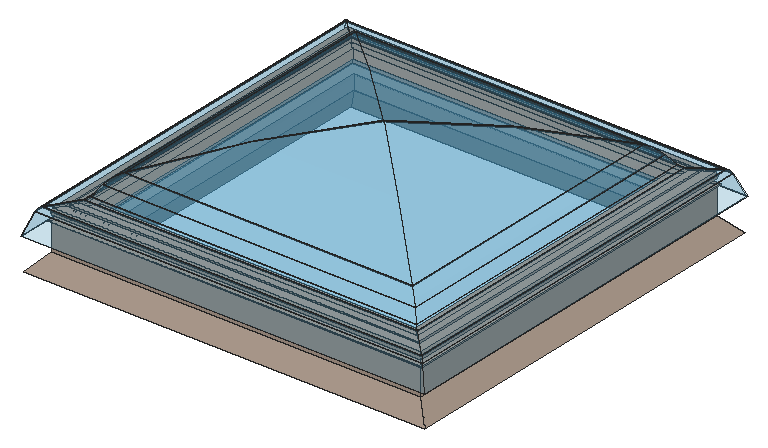
Revit family "CVP_v_1.01", category Окна, Revit 2017
Family settings
  Основа = Крыша
  Всегда вертикально = Нет
  При загрузке вырезать с полостями = Нет
  Общий = Нет
  Точка расчета площади = Нет
Parameters (values of type "Default")
  g-value = "0.53"
  ZCE Visible = no
  ZCE Height = if(ZCE Visible, 160.000 mm, 0.000 mm)  # 0.000 mm
  Youtube clip = ""
  Window Opening Angle = atan((Chain Length - 8.000 mm) / Height)  # -0.294902°
  Window Area = "3.92"
  Width Dome = Ширина - 180.000 mm  # 1180.000 mm
  Ширина = 1360.000 mm
  Weight Net (kg) = ""
  Warranty Years = "10"
  Warranty = ""
  Uniclass 2.0 Description = "Roof Window Units"
  Uniclass 2.0 Code = "PR-59-72"
  Uniclass 1.4 Description = "Rooflights/Roof windows"
  Uniclass 1.4 Code = "JL11"
  URL = "http://file-system.ru/catalog/zdaniya_i_sooruzheniya/eksterer/okna/cvp_integra_zenitnyy_fonar_na_distantsionnom_upravlenii/#close_popup_window"
  UNSPC code = 301516
  UNSPC Category = "Roofing accessories"
  ThermalTransmittance - Glazing = "0.9"
  ThermalTransmittance = "0.75"
  Thermal transmittance (frame) = ""
  Thermal bridge(glazing) = "0.05"
  Thermal bridge = ""
  Technical description = ""
  Stock Product = ""
  Sound Insulation db = "31"
  Single = ""
  Product identifier = ""
  Product group = "CVP 1.01"
  Product family = "Flat roof window"
  Product data url = "http://www.velux.dk/private/produkter/ny-generation"
  Product certification = ""
  Product SKU = "cvp101"
  Placement Height = 0.000 mm
  Perimeter Window = 6
  Perimeter Glazing = 0
  Operation Mode = "Electrical"
  Open Window = no
  Name of the object = "Flat roof window-CVP"
  NBS Reference Description = "Roofing Window Units"
  NBS Reference = "59-72"
  Группа модели = "Flat roof window - CVP"
  Material secondary = Glass 73Q + ISD 0000
  Material main = Wood
  Manufacturer country = "Denmark"
  Manufacturer URL = "www.velux.com"
  Изготовитель = "VELUX A/S"  # constant formula
  Light transmittance = "0.72"
  Installation instructions = ""
  IFC Classification = "Window"
  Height Dome = Height - 180.000 mm  # 1180.000 mm
  Height = 1360.000 mm
  GlazingAreaFraction = "2.41"
  Function = "Ventilation flat roof window"
  Frame  Area = ""
  Emergency Exit = 1 > 2  # no
  Edition number = "1"
  EAN code = ""
  Design country = "Denmark"
  Delivery Time = ""
  Date of publishing = "6/27/2013"
  Copyright = "VELUX A/S"  # constant formula
  Chain Length = if(Open Window, 218.000 mm, 1.000 mm)  # 1.000 mm
  COBIe Type Category = ""
  Код по классификатору = "B3020110"
  Angle = if(Open Window, Window Opening Angle, 0.00000°)  # 0.00000°
  Allowed Roof Slope = "0°-15°"
  AcousticRating = ""
Reference planes
  plane 1 "Center (Front/Back)": y = 0
  plane 2 "Roof": z = 4000
  plane 3 "Center (Left/Right)": x = 0
  plane 4: x = -590
  plane 5: y = 590
  plane 6: x = 590
  plane 7: y = -590
  plane 8 "Roof Top": z = 4150
  plane 9: z = 4150
  plane 10: x = -553
  plane 11 "Placement Height": z = 4150
  plane 12: x = -680
  plane 13: x = 680
  plane 14: y = 680
  plane 15: y = -680
Forms (mm)
  Sweep 1, solid, material "Wood" <- "Material main"
    path origin (-862.686, -4572, 4150) x (-1, 0, 0) y (0, -1, 0)
      loop
        line (-1452.686, -3982) -> (-1452.686, -5162) -> (-272.686, -5162) -> (-272.686, -3982) -> (-1452.686, -3982)
    profile origin (590, 0, 4150) x (-1, 0, 0) y (0, 0, 1)
      loop
        line (29.543, 0) -> (69.194, 82.99) -> (4.499, 82.99) -> (4.499, 157.08)
        arc (4.499, 157.08) -> (3.427, 159.378) -> (0.978, 160.035) r 3
        line (0.978, 160.035) -> (-44.675, 151.985) -> (-44.501, 150) -> (-36.501, 150) -> (-36.501, 54.661) -> (-90, 0) -> (29.543, 0)
  Sweep 2, solid
    path origin (2.429, -2.424, 4547.978) x (0, 1, 0) y (0, 0, -1)
      loop
        line (4.849, 0) -> (0, 0)
    profile origin (2.429, 0, 4547.978) x (0, 0, 1) y (-1, 0, 0)
      loop
        line (0, 4.828) -> (-3.011, 4.828) -> (-3.011, 0) -> (0, 0) -> (0, 4.828)
  Sweep 3, solid, material "Wood" <- "Material main", visible <- "ZCE Visible"
    path origin (-1732.686, -4572, 4150) x (-1, 0, 0) y (0, -1, 0)
      loop
        line (-1142.686, -3982) -> (-2322.686, -3982) -> (-2322.686, -5162) -> (-1142.686, -5162) -> (-1142.686, -3982)
    profile origin (-590, 0, 4150) x (-1, 0, 0) y (0, 0, 1)
      loop
        line (211, 0) -> (211, 3) -> (91, 10) -> (91, 160) -> (6, 160) -> (6, 0) -> (211, 0)
  Sweep 4, solid, material "Wood" <- "Material main"
    path origin (0, 0, 0) x (1, 0, 0) y (0, 0, 1)
      loop
        line (-553, 4232.99) -> (-552.948, 4233.989)
    profile origin (-552.974, 0, 4233.49) x (-0.99863, 0, 0.052336) y (0, -1, 0)
      loop
        circle (0, 0) r 5
Lines and regions (mm)
  Opening 1
    outline origin (0, 0, 4150) x (0, 1, 0) y (-1, 0, 0)
      loop
        line (590, 590) -> (-590, 590) -> (-590, -590) -> (590, -590) -> (590, 590)
  reference lines
    curve 1: line (647.314, 0, 4149.375) -> (-590, 0, 4149.375)
    curve 2: line (627.314, 0, 4149.375) -> (627.314, 0, 4339.375)
    curve 3: line (627.314, 0, 4000) -> (627.314, 590, 4000)
    curve 4: line (647.314, 0, 4149.375) -> (-147.38, 0, 4149.375)
    curve 7: line (-553, 0, 4232.99) -> (-541.586, 0, 4450.787)
  symbolic lines
    curve 5: line (-590, 590, 4000) -> (590, 0, 4000)
    curve 6: line (590, 0, 4000) -> (-590, -590, 4000)
Dimensions and locks
  equal spacing: host sketch curve, plane 3 "Center (Left/Right)", host sketch curve
  equal spacing: host sketch curve, plane 1 "Center (Front/Back)", host sketch curve
  equal spacing: plane 4, plane 3 "Center (Left/Right)", plane 6
  "Height": plane 12 to plane 13
  equal spacing: plane 5, plane 1 "Center (Front/Back)", plane 7
  "Ширина": plane 14 to plane 15
  locked: plane 6 to curve 3 at 37.314
  locked: curve 2 to plane 6 at 37.314
  locked: host roof to plane 8 "Roof Top"
  locked: nested 1 to plane 9 at 159.375
  locked: plane 4 to plane 10 at 37
  "Chain Length": Sweep 4 sketch curve to Sweep 4 sketch curve
  "ZCE Height": plane 9 to plane 11 "Placement Height"
  "Placement Height": plane 11 "Placement Height" to plane 8 "Roof Top"
  locked: plane 12 to plane 4 at 90
  locked: plane 6 to plane 13 at 90
  locked: plane 14 to plane 5 at 90
  locked: plane 15 to plane 7 at 90
  "Angle": angle curve 4 to curve 1
  locked: curve 7 to plane 10 (angle 3.00000°)
  aligned and locked: level to plane 2 "Roof"
  aligned and locked: Opening 1 sketch curve to plane 5
  aligned and locked: Opening 1 sketch curve to plane 4
  aligned and locked: Opening 1 sketch curve to plane 7
  aligned and locked: Opening 1 sketch curve to plane 6
  aligned and locked: plane 6 to Sweep 1 sketch curve
  aligned and locked: Sweep 1 sketch curve to plane 5
  aligned and locked: Sweep 1 sketch curve to plane 4
  aligned and locked: plane 7 to Sweep 1 sketch curve
  aligned and locked: profile plane to Sweep 1 sketch curve
  aligned and locked: Sweep 2 sketch curve to nested 1  (x6)
  aligned and locked: nested 1 to Sweep 2 sketch curve
  aligned and locked: Sweep 3 sketch curve to host roof  (x4)
  aligned and locked: Sweep 4 sketch curve to curve 7
  aligned and locked: Sweep 1 to Sweep 4 sketch curve
  aligned and locked: plane 11 "Placement Height" to Sweep 3 sketch curve
Automatic sketch dimensions
  curve 3 to plane 5 = 0.000 mm
  plane 1 "Center (Front/Back)" to curve 3 = 0.000 mm
  curve 6 to plane 4 = 0.000 mm
  curve 5 to plane 4 = 0.000 mm
  plane 1 "Center (Front/Back)" to curve 5 = 0.000 mm
  curve 5 to plane 6 = 0.000 mm
  plane 7 to curve 6 = 0.000 mm
  curve 5 to plane 5 = 0.000 mm
  profile plane to Sweep 1 sketch curve = 44.675 mm
  Sweep 1 sketch curve to Sweep 1 sketch curve = 0.174 mm
  Sweep 1 sketch curve to Sweep 1 sketch curve = 8.000 mm
  Sweep 1 sketch curve to profile plane = 0.978 mm
  Sweep 1 sketch curve to profile plane = 1.499 mm
  Sweep 1 sketch curve to Sweep 1 sketch curve = 3.000 mm
  Sweep 1 sketch curve to profile plane = 29.543 mm
  Sweep 1 sketch curve to Sweep 1 sketch curve = 64.695 mm
  Sweep 1 sketch curve to Sweep 1 sketch curve = 67.010 mm
  Sweep 1 sketch curve to Sweep 1 sketch curve = 1.985 mm
  Sweep 1 sketch curve to Sweep 1 sketch curve = 7.080 mm
  profile plane to Sweep 1 sketch curve = 82.990 mm
  Sweep 1 sketch curve to Sweep 1 sketch curve = 53.499 mm
  Sweep 1 sketch curve to Sweep 1 sketch curve = 28.329 mm
  plane 4 to curve 1 = 0.000 mm
  curve 7 to plane 10 = 0.000 mm
  curve 1 to plane 9 = 0.625 mm
  plane 9 to curve 7 = 82.990 mm
  plane 9 to curve 2 = 189.375 mm
  plane 1 "Center (Front/Back)" to Sweep 4 sketch curve = 0.000 mm
  Sweep 4 sketch curve to profile plane = 0.000 mm
  Sweep 3 sketch curve to profile plane = 6.000 mm
  Sweep 3 sketch curve to profile plane = 211.000 mm
  profile plane to Sweep 3 sketch curve = 3.000 mm
  profile plane to Sweep 3 sketch curve = 10.000 mm
  Sweep 3 sketch curve to profile plane = 91.000 mm
  Sweep 3 sketch curve to Sweep 3 sketch curve = 150.000 mm
  radius of Sweep 4 sketch curve = 5.000 mm
Nested families
  nested 1: "CVP v.22_Openable" at (1.927, 0, 4149.678), type "CVP v.22_Openable"
Definition of nested family "CVP v.22_Openable"
  Parameters
    Width = 1180.000 mm
    Material Internal = none
    Height = 1180.000 mm
    Half Width = (Width / 2) - 15.000 mm  # 575.000 mm
    Half Height = (Height / 2) - 15.000 mm  # 575.000 mm
    Glazing = none
    Dome Profile Length = if((Half Width < Half Height), Half Width, Half Height)  # 575.000 mm
    Assembly Code = ""
    Angle = 0.00000°
  Reference planes
    plane 1 "Center (Front/Back)": y = 0
    plane 2: z = 0
    plane 3 "Center (Left/Right)": x = 0
    plane 4: x = -590
    plane 5: y = 590
    plane 6: x = 590
    plane 7: y = -590
    plane 8: y = 552.501
    plane 9: y = -552.501
  Forms (mm)
    Sweep 1, solid, material <- "Material Internal"
      path origin (625.387, 0, 159.697) x (-1, 0, 0) y (0, -1, 0)
        loop
          line (0, -627.31) -> (1254.599, -627.31) -> (1254.599, 627.31) -> (0, 627.31) -> (0, -627.31)
      profile origin (625.387, 0, 159.697) x (1, 0, 0) y (0, 0, 1)
        loop
          line (-2.256, 30.869) -> (-26.187, 35.088) -> (-28.27, 23.271) -> (-37.134, 24.833) -> (-35.05, 36.651) -> (-51.496, 39.551) -> (-53.575, 27.763) -> (-91.064, 34.374) -> (-99.886, 11.393) -> (-73.886, 11.393) -> (-73.886, -20.207) -> (-118.051, -20.207) -> (-112.586, -72.207) -> (-92.386, -72.207) -> (-92.386, -63.407) -> (-58.386, -63.407) -> (-58.386, -44.907) -> (-49.886, -44.907) -> (-49.886, 7.79) -> (-39.886, 16.18) -> (-0.683, 9.267) -> (0.88, 18.131) -> (-16.453, 21.187) -> (-15.585, 26.111) -> (-0.257, 23.408) -> (-2.256, 30.869)
    Sweep 2, solid, material <- "Glazing"
      path origin (625.387, 0, 159.697) x (-1, 0, 0) y (0, -1, 0)
        loop
          line (49.886, 577.424) -> (49.886, -577.424) -> (1204.713, -577.424) -> (1204.713, 577.424) -> (49.886, 577.424)
      profile origin (575.501, 0, 159.697) x (-1, 0, 0) y (0, 0, 1)
        loop
          line (47.155, 90.651) -> (23.08, 56.268)
          arc (23.08, 56.268) -> (17.443, 50.872) -> (10.17, 48.043) r 20
          line (10.17, 48.043) -> (-66.712, 34.487)
          arc (-66.712, 34.487) -> (-76.095, 30.112) -> (-82.033, 21.631) r 20
          line (-82.033, 21.631) -> (-109.021, -52.518) -> (-105.828, -52.518) -> (-79.214, 20.605)
          arc (-79.214, 20.605) -> (-74.166, 27.814) -> (-66.191, 31.533) r 17
          line (-66.191, 31.533) -> (10.691, 45.089)
          arc (10.691, 45.089) -> (19.055, 48.342) -> (25.537, 54.547) r 23
          line (25.537, 54.547) -> (49.612, 88.93)
          arc (49.612, 88.93) -> (67.174, 107.978) -> (89.151, 121.698) r 97
          arc (89.151, 121.698) -> (327.965, 196.179) -> (575, 235.591) r 1737.362
          line (575, 235.591) -> (575, 238.603)
          arc (575, 238.603) -> (327.371, 199.121) -> (87.985, 124.463) r 1740.362
          arc (87.985, 124.463) -> (65.289, 110.312) -> (47.155, 90.651) r 100
    Extrusion 3, solid, material <- "Glazing"
      sketch origin (625.387, 0, 159.697) x (-1, 0, 0) y (0, -1, 0)
        loop
          line (1169.8, 542.5) -> (84.8, 542.5) -> (84.8, -542.5) -> (1169.8, -542.5) -> (1169.8, 542.5)
      from -16 to -12
    Extrusion 4, solid, material <- "Glazing"
      sketch origin (625.387, 0, 159.697) x (-1, 0, 0) y (0, -1, 0)
        loop
          line (1169.8, 542.5) -> (84.8, 542.5) -> (84.8, -542.5) -> (1169.8, -542.5) -> (1169.8, 542.5)
      from 4 to 8
    Extrusion 5, solid, material <- "Glazing"
      sketch origin (625.387, 0, 159.697) x (-1, 0, 0) y (0, -1, 0)
        loop
          line (629.713, 2.424) -> (624.886, 2.424) -> (624.886, -2.424) -> (629.713, -2.424) -> (629.713, 2.424)
      from 235.591 to 238.603
  Lines and regions (mm)
    reference lines
      curve 1: line (625.387, 0, 159.697) -> (-254.613, 0, 159.697)
      curve 2: line (625.387, 0, 159.697) -> (625.387, 0, 364.697)
      curve 3: line (-542.501, 0, 159.697) -> (-542.501, 0, 239.697)
      curve 4: line (625.387, 0, 159.697) -> (-554.613, 0, 159.697)
      curve 5: line (588.087, 0, 159.697) -> (588.087, 52.92, 159.697)
      curve 6: line (-591.913, 0, 159.697) -> (-591.913, 52.92, 159.697)
      curve 7: line (625.387, -590, 159.697) -> (-289.613, -590, 159.697)
      curve 8: line (-289.613, -590, 159.697) -> (-591.913, -590, 159.697)
      curve 9: line (-591.913, 590, 159.697) -> (243.087, 590, 159.697)
      curve 10: line (625.387, -627.31, 159.697) -> (-384.613, -627.31, 159.697)
      curve 11: line (-591.913, 627.31, 159.697) -> (368.96, 627.31, 159.697)
      curve 12: line (-629.212, -0.91, 159.697) -> (-629.212, 52.01, 159.697)
      curve 13: line (-591.913, 542.5, 159.697) -> (243.087, 542.5, 159.697)
      curve 14: line (625.387, -542.5, 159.697) -> (-289.613, -542.5, 159.697)
      curve 15: line (-544.413, 0, 159.697) -> (-544.413, 52.92, 159.697)
      curve 16: line (540.587, 0, 159.697) -> (540.587, 52.92, 159.697)
  Dimensions and locks
    equal spacing: plane 4, plane 3 "Center (Left/Right)", plane 6
    "Height": plane 4 to plane 6
    equal spacing: plane 5, plane 1 "Center (Front/Back)", plane 7
    "Width": plane 5 to plane 7
    locked: curve 2 to plane 6 at 35.387
    locked: curve 1 to level at 159.697
    "Height": curve 4 to curve 4
    locked: curve 5 to curve 4 at 37.3
    "Height": curve 6 to curve 5
    equal spacing: curve 9, curve 4, curve 7
    "Width": curve 9 to curve 7
    locked: curve 9 to curve 11 at 37.31
    locked: curve 7 to curve 10 at 37.31
    curve 12 to curve 6 = 37.299 mm
    profile plane to Sweep 1 = 1154.828 mm
    locked: curve 16 to curve 5 at 47.5
    locked: curve 6 to curve 15 at 47.5
    locked: curve 13 to curve 9 at 47.5
    locked: curve 14 to curve 7 at 47.5
    "Dome Profile Length": profile plane to Sweep 2 sketch curve
    "Angle": angle curve 4 to curve 1
    aligned and locked: level to plane 2
    aligned and locked: Sweep 1 sketch curve to curve 4
    aligned and locked: Sweep 1 sketch curve to curve 11
    aligned and locked: Sweep 1 sketch curve to curve 10
    aligned and locked: Sweep 1 sketch curve to curve 12
    aligned and locked: Sweep 2 sketch curve to Sweep 1  (x4)
    aligned and locked: Extrusion 3 sketch curve to curve 14
    aligned and locked: Extrusion 3 sketch curve to curve 15
    aligned and locked: Extrusion 3 sketch curve to curve 13
    aligned and locked: Extrusion 3 sketch curve to curve 16
    aligned and locked: Extrusion 4 sketch curve to curve 15
    aligned and locked: curve 14 to Extrusion 4 sketch curve
    aligned and locked: Extrusion 4 sketch curve to curve 16
    aligned and locked: curve 13 to Extrusion 4 sketch curve
    aligned and locked: Extrusion 5 sketch curve to Sweep 2  (x4)
    aligned and locked: Extrusion 5 to Sweep 2  (x2)
  Automatic sketch dimensions
    curve 4 to curve 3 = 12.112 mm
    curve 3 to curve 4 = 0.000 mm
    curve 3 to curve 3 = 80.000 mm
    Sweep 1 sketch curve to profile plane = 20.207 mm
    profile plane to Sweep 1 sketch curve = 118.051 mm
    Sweep 1 sketch curve to Sweep 1 sketch curve = 5.465 mm
    profile plane to Sweep 1 sketch curve = 11.393 mm
    Sweep 1 sketch curve to Sweep 1 sketch curve = 18.165 mm
    Sweep 1 sketch curve to Sweep 1 sketch curve = 20.200 mm
    profile plane to Sweep 1 sketch curve = 34.374 mm
    Sweep 1 sketch curve to Sweep 1 sketch curve = 8.821 mm
    Sweep 1 sketch curve to Sweep 1 sketch curve = 26.000 mm
    Sweep 1 sketch curve to Sweep 1 sketch curve = 34.000 mm
    Sweep 1 sketch curve to Sweep 1 sketch curve = 20.311 mm
    Sweep 1 sketch curve to Sweep 1 sketch curve = 2.079 mm
    profile plane to Sweep 1 sketch curve = 7.790 mm
    Sweep 1 sketch curve to Sweep 1 sketch curve = 3.689 mm
    profile plane to Sweep 1 sketch curve = 16.180 mm
    Sweep 1 sketch curve to Sweep 1 sketch curve = 9.999 mm
    Sweep 1 sketch curve to Sweep 1 sketch curve = 2.753 mm
    Sweep 1 sketch curve to Sweep 1 sketch curve = 2.084 mm  (x2)
    Sweep 1 sketch curve to Sweep 1 sketch curve = 8.864 mm
    Sweep 1 sketch curve to Sweep 1 sketch curve = 8.863 mm  (x2)
    Sweep 1 sketch curve to Sweep 1 sketch curve = 11.817 mm
    Sweep 1 sketch curve to Sweep 1 sketch curve = 0.868 mm
    profile plane to Sweep 1 sketch curve = 2.256 mm
    profile plane to Sweep 1 sketch curve = 0.683 mm
    profile plane to Sweep 1 sketch curve = 0.257 mm
    Sweep 1 sketch curve to profile plane = 0.880 mm
    Sweep 1 sketch curve to Sweep 1 sketch curve = 24.700 mm
    Sweep 1 sketch curve to Sweep 1 sketch curve = 18.500 mm
    Sweep 1 sketch curve to Sweep 1 sketch curve = 8.800 mm
    profile plane to Sweep 1 sketch curve = 9.267 mm
    Sweep 1 sketch curve to Sweep 1 sketch curve = 3.056 mm
    Sweep 1 sketch curve to Sweep 1 sketch curve = 5.278 mm
    Sweep 1 sketch curve to Sweep 1 sketch curve = 1.563 mm  (x2)
    Sweep 1 sketch curve to Sweep 1 sketch curve = 4.924 mm
    Sweep 1 sketch curve to Sweep 1 sketch curve = 2.930 mm
    Sweep 1 sketch curve to Sweep 1 sketch curve = 7.460 mm
    Sweep 1 sketch curve to Sweep 1 sketch curve = 11.818 mm
    Sweep 1 sketch curve to Sweep 1 sketch curve = 11.788 mm
    curve 14 to curve 4 = 0.000 mm
    curve 10 to curve 4 = 0.000 mm
    curve 7 to curve 4 = 0.000 mm
    curve 15 to curve 4 = 0.000 mm
    curve 6 to curve 4 = 0.000 mm
    curve 16 to curve 4 = 0.000 mm
    curve 5 to curve 4 = 0.000 mm
    curve 4 to curve 11 = 256.426 mm
    curve 11 to curve 9 = 125.874 mm
    curve 13 to curve 9 = 0.000 mm
    curve 8 to curve 4 = 265.000 mm
    curve 14 to curve 7 = 0.000 mm
    curve 7 to curve 10 = 95.000 mm
    curve 4 to curve 11 = 37.300 mm
    curve 4 to curve 9 = 37.300 mm
    curve 4 to curve 13 = 37.300 mm
    curve 4 to curve 8 = 37.300 mm
    curve 4 to curve 16 = 52.920 mm
    curve 5 to curve 4 = 52.920 mm
    curve 15 to curve 4 = 52.920 mm
    curve 6 to curve 4 = 52.920 mm
    curve 6 to curve 12 = 0.910 mm
    curve 12 to curve 4 = 0.910 mm
    Sweep 2 sketch curve to Sweep 2 sketch curve = 0.000 mm  (x8)
    profile plane to Sweep 2 sketch curve = 33.293 mm
    Sweep 2 sketch curve to Sweep 2 sketch curve = 1.166 mm
    Sweep 2 sketch curve to Sweep 2 sketch curve = 2.457 mm  (x2)
    Sweep 2 sketch curve to profile plane = 25.537 mm
    Sweep 2 sketch curve to profile plane = 10.691 mm
    Sweep 2 sketch curve to Sweep 2 sketch curve = 0.521 mm  (x2)
    Sweep 2 sketch curve to profile plane = 6.697 mm
    profile plane to Sweep 2 sketch curve = 14.791 mm
    profile plane to Sweep 2 sketch curve = 63.239 mm
    profile plane to Sweep 2 sketch curve = 31.533 mm
    Sweep 2 sketch curve to Sweep 2 sketch curve = 2.952 mm
    profile plane to Sweep 2 sketch curve = 20.605 mm
    Sweep 2 sketch curve to Sweep 2 sketch curve = 2.819 mm
    Sweep 2 sketch curve to profile plane = 52.518 mm
    Sweep 2 sketch curve to Sweep 2 sketch curve = 26.615 mm
    Sweep 2 sketch curve to Sweep 2 sketch curve = 3.193 mm
    Sweep 2 sketch curve to Sweep 2 sketch curve = 1.026 mm
    profile plane to Sweep 2 sketch curve = 45.089 mm
    Sweep 2 sketch curve to Sweep 2 sketch curve = 2.954 mm
    Sweep 2 sketch curve to Sweep 2 sketch curve = 6.504 mm
    Sweep 2 sketch curve to Sweep 2 sketch curve = 1.721 mm
    Sweep 2 sketch curve to Sweep 2 sketch curve = 39.919 mm
    Sweep 2 sketch curve to Sweep 2 sketch curve = 38.373 mm
    Sweep 2 sketch curve to Sweep 2 sketch curve = 24.075 mm
    Sweep 2 sketch curve to profile plane = 724.490 mm
    Sweep 2 sketch curve to profile plane = 1495.327 mm
    Sweep 2 sketch curve to Sweep 2 sketch curve = 34.383 mm
    curve 1 to curve 2 = 205.000 mm
